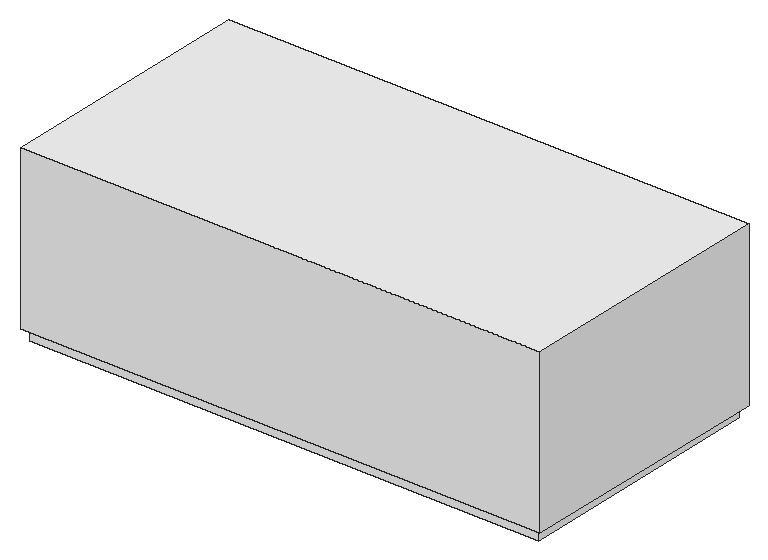
Revit family
Parameters
  URL = "http://www.martinbrattrud.com"
  SCS Certified Product = "Yes"
  Model = "Cor-Bitz 741-48R"
  Manufacturer = "Martin Brattrud, Inc."
  Foot [instance] = none
  Keynote = "125000"
  Copyright = "© 2013 Martin Brattrud, Inc."
  Table [instance] = none
  Authoring Version = "Revit Architecture 2010"
  Assembly Code = "E2020200"
Reference planes (in)
  plane 1 "Center Front/Back": y = 0
  plane 2: z = 0
  plane 3 "Center Left/Right": x = 0
  plane 4: z = 0
Forms (in)
  Extrusion 1, solid, material <- "Table"
    sketch origin (0, 0, 0) x (0, 1, 0) y (-1, 0, 0)
      loop
        line (-12, 24) -> (-12, -24) -> (12, -24) -> (12, 24) -> (-12, 24)
    from 1.25 to 16.25
  Extrusion 2, solid, material <- "Foot"
    sketch origin (0, 0, 0) x (0, 1, 0) y (-1, 0, 0)
      loop
        line (-11.5019, 23.5) -> (-11.5019, -23.5) -> (11.5, -23.5) -> (11.5, 23.5) -> (-11.5019, 23.5)
    from 0.25 to 1.25
  Revolve 3, solid, material <- "Foot"
    sketch origin (-22.17487, 10.125, 0) x (0, -1, 0) y (0, 0, -1)
      loop
        arc (-0.2498, 0) -> (-0.33833, -0.03667) -> (-0.375, -0.1252) r 0.1252
        line (-0.375, -0.1252) -> (-0.375, -0.25) -> (0, -0.25) -> (0, 0) -> (-0.2498, 0)
      axis (0, -0.25) -> (0, 0)
    angle from 0 to 360
  Revolve 4, solid, material <- "Foot"
    sketch origin (-22.17487, -10.125, 0) x (0, -1, 0) y (0, 0, -1)
      loop
        arc (-0.2498, 0) -> (-0.33833, -0.03667) -> (-0.375, -0.1252) r 0.1252
        line (-0.375, -0.1252) -> (-0.375, -0.25) -> (0, -0.25) -> (0, 0) -> (-0.2498, 0)
      axis (0, -0.25) -> (0, 0)
    angle from 0 to 360
  Revolve 5, solid, material <- "Foot"
    sketch origin (22.125, 10.125, 0) x (0, -1, 0) y (0, 0, -1)
      loop
        arc (-0.2498, 0) -> (-0.33833, -0.03667) -> (-0.375, -0.1252) r 0.1252
        line (-0.375, -0.1252) -> (-0.375, -0.25) -> (0, -0.25) -> (0, 0) -> (-0.2498, 0)
      axis (0, -0.25) -> (0, 0)
    angle from 0 to 360
  Revolve 6, solid, material <- "Foot"
    sketch origin (22.125, -10.125, 0) x (0, -1, 0) y (0, 0, -1)
      loop
        arc (-0.2498, 0) -> (-0.33833, -0.03667) -> (-0.375, -0.1252) r 0.1252
        line (-0.375, -0.1252) -> (-0.375, -0.25) -> (0, -0.25) -> (0, 0) -> (-0.2498, 0)
      axis (0, -0.25) -> (0, 0)
    angle from 0 to 360
